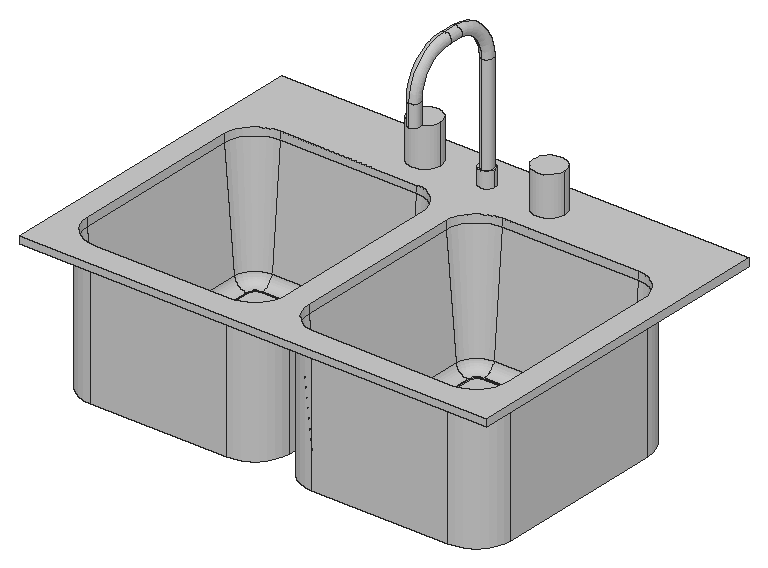
Revit family "Sink Kitchen-Double", category Plumbing Fixtures, Revit 2023
Family settings
  Round Connector Dimension = Use Diameter
  Part Type = Normal
  OmniClass Number = 23.45.05.14.14
  OmniClass Title = Sinks/Lavatories
  Work Plane-Based = No
  Enable Cutting in Views = No
  Always vertical = Yes
  Cut with Voids When Loaded = No
  Maintain Annotation Orientation = No
  Shared = Yes
  Room Calculation Point = No
Parameters (values of type "42" x 21"")
  Default Elevation = 0' - 0"
  Assembly Code = "D2010410"
  Counter Height = 3' - 0"
  Depth = 1' - 9"
  Faucet Material = Steel, Polished
  Sink Material = Steel, Polished
  Width = 2' - 6"
Reference planes (in)
  plane 1 "Center (Front/Back)": y = -1.40766
  plane 2: z = 0
  plane 3 "Center (Left/Right)": x = 0.61769
  plane 4: y = 10.59234
  plane 5: y = -10.40766
  plane 6: x = -14.38231
  plane 7: x = 15.61769
  plane 8 "Top Of Counter": z = 36
  plane 9: z = 36.5
  plane 10: z = 27.5
  plane 11: y = 6.09234
  plane 12: x = -12.88231
  plane 13: y = -8.90766
  plane 14: x = 14.11769
  plane 15: x = -3.38231
  plane 16: x = 4.61769
  plane 17: y = 8.34234
  plane 18: y = 8.34234
  plane 19: y = 8.34234
  plane 20: z = 46.375
  plane 21: y = 2.46734
  plane 22: z = 39
  plane 23: z = 37.5
  plane 24: x = -0.13231
  plane 25: x = 1.36769
  plane 26: x = -6.13231
  plane 27: x = 7.36769
  plane 28: z = 27.875
Forms (in)
  Extrusion 1, solid, material "Steel, Polished" <- "Sink Material"
    sketch origin (0, 0, 0) x (1, 0, 0) y (0, 1, 0)
      loop
        line (-14.38231, 10.59234) -> (-14.38231, -10.40766) -> (15.61769, -10.40766) -> (15.61769, 10.59234) -> (-14.38231, 10.59234)
      loop
        arc (-10.88231, 6.09234) -> (-12.29653, 5.50655) -> (-12.88231, 4.09234) r 2
        line (-12.88231, 4.09234) -> (-12.88231, -6.90766)
        arc (-12.88231, -6.90766) -> (-12.29653, -8.32187) -> (-10.88231, -8.90766) r 2
        line (-10.88231, -8.90766) -> (-2.13231, -8.90766)
        arc (-2.13231, -8.90766) -> (-0.7181, -8.32187) -> (-0.13231, -6.90766) r 2
        line (-0.13231, -6.90766) -> (-0.13231, 4.09234)
        arc (-0.13231, 4.09234) -> (-0.7181, 5.50655) -> (-2.13231, 6.09234) r 2
        line (-2.13231, 6.09234) -> (-10.88231, 6.09234)
      loop
        arc (12.11769, -8.90766) -> (13.5319, -8.32187) -> (14.11769, -6.90766) r 2
        line (14.11769, -6.90766) -> (14.11769, 4.09234)
        arc (14.11769, 4.09234) -> (13.5319, 5.50655) -> (12.11769, 6.09234) r 2
        line (12.11769, 6.09234) -> (3.36769, 6.09234)
        arc (3.36769, 6.09234) -> (1.95347, 5.50655) -> (1.36769, 4.09234) r 2
        line (1.36769, 4.09234) -> (1.36769, -6.90766)
        arc (1.36769, -6.90766) -> (1.95347, -8.32187) -> (3.36769, -8.90766) r 2
        line (3.36769, -8.90766) -> (12.11769, -8.90766)
    from 36 to 36.5
  Sweep 2, solid, material "Steel, Polished" <- "Sink Material"
    path origin (0, 0, 0) x (1, 0, 0) y (0, 1, 0)
      loop
        arc (-10.88231, 6.09234) -> (-12.29653, 5.50655) -> (-12.88231, 4.09234) r 2
        line (-12.88231, 4.09234) -> (-12.88231, -6.90766)
        arc (-12.88231, -6.90766) -> (-12.29653, -8.32187) -> (-10.88231, -8.90766) r 2
        line (-10.88231, -8.90766) -> (-2.13231, -8.90766)
        arc (-2.13231, -8.90766) -> (-0.7181, -8.32187) -> (-0.13231, -6.90766) r 2
        line (-0.13231, -6.90766) -> (-0.13231, 4.09234)
        arc (-0.13231, 4.09234) -> (-0.7181, 5.50655) -> (-2.13231, 6.09234) r 2
        line (-2.13231, 6.09234) -> (-10.88231, 6.09234)
    profile origin (-6.50731, 0, 0) x (0, 1, 0) y (0, 0, 1)
      loop
        line (6.09234, 36) -> (5.44139, 28.55963)
        arc (5.44139, 28.55963) -> (5.20094, 28.07204) -> (4.69424, 27.875) r 0.75
        line (4.69424, 27.875) -> (4.59234, 27.875) -> (4.59234, 27.5) -> (6.34234, 27.5) -> (6.34234, 36) -> (6.09234, 36)
  Extrusion 3, solid, material "Steel, Polished" <- "Sink Material"
    sketch origin (0, 0, 0) x (1, 0, 0) y (0, 1, 0)
      loop
        arc (-10.88231, 4.59234) -> (-11.23587, 4.44589) -> (-11.38231, 4.09234) r 0.5
        line (-11.38231, 4.09234) -> (-11.38231, -6.90766)
        arc (-11.38231, -6.90766) -> (-11.23587, -7.26121) -> (-10.88231, -7.40766) r 0.5
        line (-10.88231, -7.40766) -> (-2.13231, -7.40766)
        arc (-2.13231, -7.40766) -> (-1.77876, -7.26121) -> (-1.63231, -6.90766) r 0.5
        line (-1.63231, -6.90766) -> (-1.63231, 4.09234)
        arc (-1.63231, 4.09234) -> (-1.77876, 4.44589) -> (-2.13231, 4.59234) r 0.5
        line (-2.13231, 4.59234) -> (-10.88231, 4.59234)
      loop
        circle (-6.13231, -1.40766) r 1
    from 27.5 to 27.875
  Extrusion 4, solid, material "Steel, Polished" <- "Faucet Material"
    sketch origin (0, 0, 0) x (1, 0, 0) y (0, 1, 0)
      loop
        circle (-3.38231, 8.34234) r 1
      loop
        circle (4.61769, 8.34234) r 1
    from 36.5 to 39
  Sweep 5, solid, material "Steel, Polished" <- "Faucet Material"
    path origin (0.61769, 0, 0) x (0, 1, 0) y (0, 0, 1)
      loop
        line (8.34234, 36.5) -> (8.34234, 43.875)
        arc (8.34234, 43.875) -> (7.61011, 45.64277) -> (5.84234, 46.375) r 2.5
        line (5.84234, 46.375) -> (4.96734, 46.375)
        arc (4.96734, 46.375) -> (3.19957, 45.64277) -> (2.46734, 43.875) r 2.5
        line (2.46734, 43.875) -> (2.46734, 42.5)
    profile origin (0.61769, 0, 40.1875) x (0, -1, 0) y (1, 0, 0)
      loop
        circle (-8.34234, 0) r 0.375
  Extrusion 6, solid, material "Steel, Polished" <- "Faucet Material"
    sketch origin (0, 0, 0) x (1, 0, 0) y (0, 1, 0)
      loop
        circle (0.61769, 8.34234) r 0.5
    from 36.5 to 37.5
  Sweep 7, solid, material "Steel, Polished" <- "Sink Material"
    path origin (1.23537, 0, 0) x (-1, 0, 0) y (0, -1, 0)
      loop
        line (-10.88231, -6.09234) -> (-2.13231, -6.09234)
        arc (-2.13231, -6.09234) -> (-0.7181, -5.50655) -> (-0.13231, -4.09234) r 2
        line (-0.13231, -4.09234) -> (-0.13231, 6.90766)
        arc (-0.13231, 6.90766) -> (-0.7181, 8.32187) -> (-2.13231, 8.90766) r 2
        line (-2.13231, 8.90766) -> (-10.88231, 8.90766)
        arc (-10.88231, 8.90766) -> (-12.29653, 8.32187) -> (-12.88231, 6.90766) r 2
        line (-12.88231, 6.90766) -> (-12.88231, -4.09234)
        arc (-12.88231, -4.09234) -> (-12.29653, -5.50655) -> (-10.88231, -6.09234) r 2
    profile origin (7.74269, 0, 0) x (0, -1, 0) y (0, 0, 1)
      loop
        line (-6.09234, 36) -> (-6.34234, 36) -> (-6.34234, 27.5) -> (-4.59234, 27.5) -> (-4.59234, 27.875) -> (-4.69424, 27.875)
        arc (-4.69424, 27.875) -> (-5.20094, 28.07204) -> (-5.44139, 28.55963) r 0.75
        line (-5.44139, 28.55963) -> (-6.09234, 36)
  Extrusion 8, solid, material "Steel, Polished" <- "Sink Material"
    sketch origin (0, 0, 0) x (1, 0, 0) y (0, 1, 0)
      loop
        arc (3.36769, 4.69424) -> (3.01413, 4.5478) -> (2.86769, 4.19424) r 0.5
        line (2.86769, 4.19424) -> (2.86769, -6.90766)
        arc (2.86769, -6.90766) -> (3.01413, -7.26121) -> (3.36769, -7.40766) r 0.5
        line (3.36769, -7.40766) -> (12.11769, -7.40766)
        arc (12.11769, -7.40766) -> (12.47124, -7.26121) -> (12.61769, -6.90766) r 0.5
        line (12.61769, -6.90766) -> (12.61769, 4.19424)
        arc (12.61769, 4.19424) -> (12.47124, 4.5478) -> (12.11769, 4.69424) r 0.5
        line (12.11769, 4.69424) -> (3.36769, 4.69424)
      loop
        circle (7.36769, -1.40766) r 1
    from 27.5 to 27.875
Cuts and joins
  joined: Extrusion 1, Sweep 2, Sweep 7
  joined: Sweep 5, Extrusion 6
Lines and regions (in)
  Masking region 1
    outline origin (0, 0, 36) x (0, -1, 0) y (1, 0, 0)
      loop
        line (-10.59234, -14.38231) -> (10.40766, -14.38231) -> (10.40766, 15.61769) -> (-10.59234, 15.61769) -> (-10.59234, -14.38231)
  symbolic lines
    curve 1: line (-12.88231, 4.09234, 36) -> (-12.88231, -6.90766, 36)
    curve 2: line (-10.88231, -8.90766, 36) -> (-2.13231, -8.90766, 36)
    curve 3: line (14.11769, -6.90766, 36) -> (14.11769, 4.09234, 36)
    curve 4: line (12.11769, 6.09234, 36) -> (3.36769, 6.09234, 36)
    curve 5: arc (14.11769, 4.09234, 36) -> (13.5319, 5.50655, 36) -> (12.11769, 6.09234, 36) r 2
    curve 6: arc (12.11769, -8.90766, 36) -> (13.5319, -8.32187, 36) -> (14.11769, -6.90766, 36) r 2
    curve 7: arc (-12.88231, -6.90766, 36) -> (-12.29653, -8.32187, 36) -> (-10.88231, -8.90766, 36) r 2
    curve 8: arc (-10.88231, 6.09234, 36) -> (-12.29653, 5.50655, 36) -> (-12.88231, 4.09234, 36) r 2
    curve 9: arc (1.11769, 8.34234, 36) -> (0.61769, 8.84234, 36) -> (0.11769, 8.34234, 36) r 0.5
    curve 10: line (0.11769, 8.34234, 36) -> (0.11769, 0.59234, 36)
    curve 11: line (1.11769, 8.34234, 36) -> (1.11769, 0.59234, 36)
    curve 12: arc (1.11769, 0.59234, 36) -> (0.61769, 0.09234, 36) -> (0.11769, 0.59234, 36) r 0.5
    curve 13: line (-0.13231, 4.09234, 36) -> (-0.13231, -6.90766, 36)
    curve 14: line (1.36769, 4.09234, 36) -> (1.36769, -6.90766, 36)
    curve 15: line (3.36769, -8.90766, 36) -> (12.11769, -8.90766, 36)
    curve 16: line (-2.13231, 6.09234, 36) -> (-10.88231, 6.09234, 36)
    curve 17: arc (3.36769, 6.09234, 36) -> (1.95347, 5.50655, 36) -> (1.36769, 4.09234, 36) r 2
    curve 18: arc (1.36769, -6.90766, 36) -> (1.95347, -8.32187, 36) -> (3.36769, -8.90766, 36) r 2
    curve 19: arc (-0.13231, -6.90766, 36) -> (-0.7181, -8.32187, 36) -> (-2.13231, -8.90766, 36) r 2
    curve 20: arc (-0.13231, 4.09234, 36) -> (-0.7181, 5.50655, 36) -> (-2.13231, 6.09234, 36) r 2
    curve 21: arc (-7.13231, -1.40766, 36) -> (-6.13231, -0.40766, 36) -> (-5.13231, -1.40766, 36) r 1
    curve 22: arc (-5.13231, -1.40766, 36) -> (-6.13231, -2.40766, 36) -> (-7.13231, -1.40766, 36) r 1
    curve 23: arc (6.36769, -1.40766, 36) -> (7.36769, -0.40766, 36) -> (8.36769, -1.40766, 36) r 1
    curve 24: arc (8.36769, -1.40766, 36) -> (7.36769, -2.40766, 36) -> (6.36769, -1.40766, 36) r 1
    curve 25: arc (-4.38231, 8.34234, 36) -> (-3.38231, 7.34234, 36) -> (-2.38231, 8.34234, 36) r 1
    curve 26: arc (-2.38231, 8.34234, 36) -> (-3.38231, 9.34234, 36) -> (-4.38231, 8.34234, 36) r 1
    curve 27: arc (3.61769, 8.34234, 36) -> (4.61769, 7.34234, 36) -> (5.61769, 8.34234, 36) r 1
    curve 28: arc (5.61769, 8.34234, 36) -> (4.61769, 9.34234, 36) -> (3.61769, 8.34234, 36) r 1
Dimensions and locks (in)
  equal spacing: plane 6, plane 3 "Center (Left/Right)", plane 7
  "Width": plane 6 to plane 7
  "Depth": plane 5 to plane 4
  "Counter Height": plane 8 "Top Of Counter" to plane 2
  locked: plane 9 to plane 8 "Top Of Counter" at 0.5
  locked: plane 8 "Top Of Counter" to plane 10 at 8.5
  locked: plane 6 to plane 12 at 1.5
  locked: plane 14 to plane 7 at 1.5
  locked: plane 11 to plane 4 at 4.5
  locked: plane 5 to plane 13 at 1.5
  equal spacing: plane 11, plane 17, plane 4
  equal spacing: plane 11, plane 18, plane 4
  equal spacing: plane 4, plane 19, plane 11
  locked: plane 19 to plane 21 at 5.875
  locked: plane 20 to plane 9 at 9.875
  locked: plane 22 to plane 9 at 2.5
  locked: plane 23 to plane 9 at 1
  plane 24 to plane 3 "Center (Left/Right)" to plane 25 = 0' - 0 3/4" locked, 0' - 0 3/4" locked
  equal spacing: plane 12, plane 26, plane 3 "Center (Left/Right)"
  equal spacing: plane 3 "Center (Left/Right)", plane 27, plane 14
  equal spacing: plane 13, plane 1 "Center (Front/Back)", plane 11
  locked: plane 15 to plane 3 "Center (Left/Right)" at 4
  locked: plane 3 "Center (Left/Right)" to plane 16 at 4
  locked: plane 28 to plane 10 at 0.375
  aligned and locked: Extrusion 1 sketch curve to plane 5
  aligned and locked: plane 7 to Extrusion 1 sketch curve
  aligned and locked: plane 4 to Extrusion 1 sketch curve
  aligned and locked: Extrusion 1 sketch curve to plane 6
  aligned and locked: plane 8 "Top Of Counter" to Extrusion 1
  aligned and locked: Extrusion 1 to plane 9
  aligned and locked: plane 11 to Extrusion 1 sketch curve
  aligned and locked: plane 14 to Extrusion 1 sketch curve
  aligned and locked: Extrusion 1 sketch curve to plane 12
  aligned and locked: Extrusion 1 sketch curve to plane 13
  aligned and locked: plane 11 to Sweep 2 sketch curve
  aligned and locked: Sweep 2 sketch curve to plane 12
  aligned and locked: Sweep 2 sketch curve to plane 13
  aligned and locked: Sweep 2 to Extrusion 3 sketch curve  (x4)
  aligned and locked: plane 10 to Extrusion 3
  aligned and locked: Sweep 2 sketch curve to plane 10
  aligned and locked: plane 8 "Top Of Counter" to Sweep 2 sketch curve
  aligned and locked: Extrusion 4 to Extrusion 1
  aligned and locked: Extrusion 6 to Extrusion 1
  aligned and locked: Sweep 5 sketch curve to plane 19
  aligned and locked: plane 20 to Sweep 5 sketch curve
  aligned and locked: plane 21 to Sweep 5 sketch curve
  aligned and locked: Extrusion 4 to plane 22
  aligned and locked: Extrusion 6 to plane 23
  aligned and locked: Sweep 2 sketch curve to Extrusion 1
  aligned and locked: Sweep 7 sketch curve to plane 14
  aligned and locked: Sweep 7 sketch curve to Extrusion 1
  aligned and locked: Sweep 7 sketch curve to plane 11
  aligned and locked: plane 13 to Sweep 7 sketch curve
  aligned and locked: plane 10 to Extrusion 8
  aligned and locked: curve 21 to Extrusion 3
  aligned and locked: curve 23 to Extrusion 8
  aligned and locked: Extrusion 8 sketch curve to Sweep 7
  aligned and locked: Sweep 7 sketch curve to plane 8 "Top Of Counter"
  aligned and locked: plane 10 to Sweep 7 sketch curve
  aligned and locked: plane 4 to Masking region 1 sketch curve
  aligned and locked: plane 7 to Masking region 1 sketch curve
  aligned and locked: Masking region 1 sketch curve to plane 5
  aligned and locked: Masking region 1 sketch curve to plane 6
  aligned and locked: plane 15 to Extrusion 4 sketch curve
  aligned and locked: plane 17 to Extrusion 4 sketch curve  (x2)
  aligned and locked: plane 16 to Extrusion 4 sketch curve
  aligned and locked: curve 25 to Extrusion 4
  aligned and locked: curve 27 to Extrusion 4
  aligned and locked: Extrusion 3 to plane 28
  aligned and locked: Extrusion 8 to plane 28
Automatic sketch dimensions
  Sweep 2 sketch curve to profile plane = 0' - 0"
  profile plane to Sweep 2 sketch curve = 0' - 0.65095"
  Sweep 2 sketch curve to Sweep 2 sketch curve = 0' - 0.74715"
  Sweep 2 sketch curve to Sweep 2 sketch curve = 0' - 0.10191"
  Sweep 2 sketch curve to profile plane = 0' - 0 1/4"
  Sweep 2 sketch curve to Sweep 2 sketch curve = 0' - 0 3/8"
  Sweep 2 sketch curve to Sweep 2 sketch curve = 0' - 0.68463"
  plane 15 to Extrusion 4 sketch curve = 0' - 1"
  plane 16 to Extrusion 4 sketch curve = 0' - 1"
  Sweep 5 sketch curve to plane 3 "Center (Left/Right)" = 0' - 0"
  Sweep 5 sketch curve to profile plane = 0' - 0"
  profile plane to Sweep 5 sketch curve = 0' - 0 3/8"
  Extrusion 6 sketch curve to plane 18 = 0' - 0"
  Extrusion 6 sketch curve to plane 3 "Center (Left/Right)" = 0' - 0"
  Extrusion 6 sketch curve to plane 3 "Center (Left/Right)" = 0' - 0 1/2"
  Sweep 5 sketch curve to plane 9 = 0' - 0"
  Sweep 5 sketch curve to Sweep 5 sketch curve = 0' - 2 1/2"
  plane 11 to Sweep 5 sketch curve = 0' - 0 1/4"
  Sweep 5 sketch curve to Sweep 5 sketch curve = 0' - 1 3/8"
  Extrusion 1 sketch curve to plane 13 = 0' - 0"
  Extrusion 1 sketch curve to plane 24 = 0' - 0"
  Extrusion 1 sketch curve to plane 25 = 0' - 0"
  Extrusion 1 sketch curve to plane 11 = 0' - 0"
  Extrusion 1 sketch curve to plane 12 = 0' - 2"  (x2)
  Extrusion 1 sketch curve to plane 3 "Center (Left/Right)" = 0' - 2 3/4"  (x2)
  plane 3 "Center (Left/Right)" to Extrusion 1 sketch curve = 0' - 2 3/4"  (x2)
  plane 14 to Extrusion 1 sketch curve = 0' - 2"
  Extrusion 1 sketch curve to Extrusion 1 sketch curve = 0' - 2"
  Sweep 2 sketch curve to plane 12 = 0' - 2"  (x2)
  Sweep 2 sketch curve to plane 3 "Center (Left/Right)" = 0' - 2 3/4"  (x2)
  plane 14 to Sweep 7 sketch curve = 0' - 2"  (x2)
  Sweep 7 sketch curve to Sweep 7 sketch curve = 0' - 2"
  plane 3 "Center (Left/Right)" to Sweep 7 sketch curve = 0' - 2 3/4"
  Extrusion 3 sketch curve to plane 1 "Center (Front/Back)" = 0' - 0"
  Extrusion 3 sketch curve to plane 26 = 0' - 0"
  Extrusion 3 sketch curve to Extrusion 3 sketch curve = 0' - 0 1/2"  (x4)
  plane 26 to Extrusion 3 sketch curve = 0' - 1"
  Extrusion 8 sketch curve to plane 1 "Center (Front/Back)" = 0' - 0"
  Extrusion 8 sketch curve to plane 27 = 0' - 0"
  plane 27 to Extrusion 8 sketch curve = 0' - 1"
  plane 3 "Center (Left/Right)" to Extrusion 8 sketch curve = 0' - 2 3/4"  (x2)
  Extrusion 8 sketch curve to Extrusion 8 sketch curve = 0' - 0 1/2"  (x2)
  plane 11 to Extrusion 8 sketch curve = 0' - 1.89809"
  Extrusion 8 sketch curve to plane 13 = 0' - 2"
  plane 7 to Extrusion 8 sketch curve = 0' - 3 1/2"
  Sweep 7 sketch curve to profile plane = 0' - 0"
  profile plane to Sweep 7 sketch curve = 0' - 0 1/4"
  Sweep 7 sketch curve to profile plane = 0' - 0.65095"
  Sweep 7 sketch curve to Sweep 7 sketch curve = 0' - 0.74715"
  Sweep 7 sketch curve to Sweep 7 sketch curve = 0' - 0.10191"
  Sweep 7 sketch curve to Sweep 7 sketch curve = 0' - 0.06537"
  Sweep 7 sketch curve to Sweep 7 sketch curve = 0' - 1.05963"
  curve 20 to plane 11 = 0' - 0"
  curve 17 to plane 11 = 0' - 0"
  curve 5 to plane 14 = 0' - 0"
  curve 1 to plane 12 = 0' - 0"
  curve 12 to plane 3 "Center (Left/Right)" = 0' - 0"
  curve 7 to plane 13 = 0' - 0"
  curve 18 to plane 13 = 0' - 0"
  plane 4 to curve 11 = 0' - 2 1/4"
  plane 11 to curve 5 = 0' - 2"
  plane 11 to curve 8 = 0' - 2"
  curve 13 to plane 3 "Center (Left/Right)" = 0' - 0 3/4"
  curve 14 to curve 13 = 0' - 0"
  curve 11 to plane 1 "Center (Front/Back)" = 0' - 2"
  plane 3 "Center (Left/Right)" to curve 14 = 0' - 0 3/4"
  curve 14 to plane 13 = 0' - 2"
  curve 13 to curve 14 = 0' - 0"
  curve 1 to plane 13 = 0' - 2"
  curve 6 to plane 13 = 0' - 2"
  curve 9 to plane 3 "Center (Left/Right)" = 0' - 0 1/2"
  curve 4 to curve 27 = 0' - 0 1/4"
Connectors (in)
  piping at (-3.38231, 8.34234, 36.5), diameter 1.5
    settings: on Extrusion 4, index 1, connector inside diameter 24", connector length 0' - 0", flow factor 0, pipe flow 0 GPM, pressure drop 0.00 psi, fitting loss kfactor 0, connector angle 0.00°, fixture units 1.5, engagement length 0' - 0", angle of deflection 0.00°, flow configuration 3, flow direction 1, fitting loss method 4, system type 19, joint type 0, gender type 0, connector reference index -1, connector utility 0, adjustable connector no, is connector primary yes, connector description ""
  piping at (4.61769, 8.34234, 36.5), diameter 1.5
    settings: on Extrusion 4, index 2, connector inside diameter 24", connector length 0' - 0", flow factor 0, pipe flow 0 GPM, pressure drop 0.00 psi, fitting loss kfactor 0, connector angle 0.00°, fixture units 1.5, engagement length 0' - 0", angle of deflection 0.00°, flow configuration 3, flow direction 1, fitting loss method 4, system type 20, joint type 0, gender type 0, connector reference index -1, connector utility 0, adjustable connector no, is connector primary no, connector description ""
  piping at (7.36769, -1.40766, 27.5), diameter 24
    settings: on Extrusion 8, index 3, connector inside diameter 24", connector length 0' - 0", flow factor 0, pipe flow 0 GPM, pressure drop 0.00 psi, fitting loss kfactor 0, connector angle 0.00°, fixture units 0, engagement length 0' - 0", angle of deflection 0.00°, flow configuration 0, flow direction 0, fitting loss method 0, system type 7, joint type 0, gender type 0, connector reference index -1, connector utility 0, adjustable connector no, is connector primary no, connector description ""
  piping at (7.36769, -1.40766, 27.5), diameter 2
    settings: on Extrusion 8, index 4, connector inside diameter 24", connector length 0' - 0", flow factor 0, pipe flow 0 GPM, pressure drop 0.00 psi, fitting loss kfactor 0, connector angle 0.00°, fixture units 1.5, engagement length 0' - 0", angle of deflection 0.00°, flow configuration 3, flow direction 1, fitting loss method 4, system type 16, joint type 0, gender type 0, connector reference index -1, connector utility 0, adjustable connector no, is connector primary no, connector description ""
